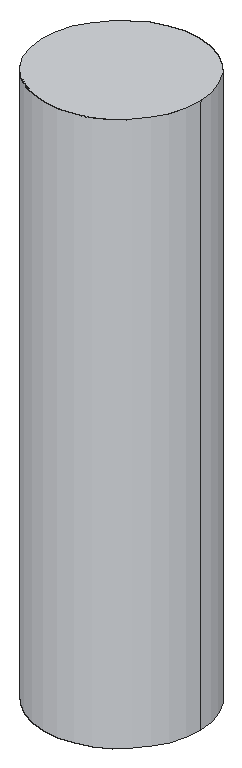
Revit family "PLB_Adoucisseur_Permo-Culligan", category Equipement de génie climatique, Revit 2026
Family settings
  Cote de connecteur circulaire = Utiliser le diamètre
  Type d'élément = Normal
  Basée sur le plan de construction = Non
  Toujours verticalement = Oui
  Couper avec des vides une fois chargée = Non
  Conserver l'orientation des annotations = Non
  Partagée = Non
  Repère de localisation dans la pièce = Non
Parameters (values of type "Alcyo A5X")
  Source = "CCTP lot 12 § 9.2.2"
  Modèle = "Alcyo A5X"
  Fabricant = "Permo / Culligan"
  Elévation par défaut = 0 mm
  Description = "Adoucisseur eau froide"
  Caractéristiques CCTP = "Régénération par saumurage, -50 °TH, compteur DN50"
  A vérifier = "Dimensions approximatives, bac à sel non dessiné"
Reference planes
  plane 1 "Centre (avant/arrière)": y = 0
  plane 2: z = 0
  plane 3 "Centre (gauche/droite)": x = 0
Forms (mm)
  Extrusion 1, solid
    sketch origin (0, 0, 0) x (1, 0, 0) y (0, 1, 0)
      loop
        circle (0, 0) r 225
    from 0 to 1600
  Extrusion 2, solid
    sketch origin (0, 0, 1600) x (1, 0, 0) y (0, 1, 0)
      loop
        circle (-100, 0) r 25
    from 0 to 60
  Extrusion 3, solid
    sketch origin (0, 0, 1600) x (1, 0, 0) y (0, 1, 0)
      loop
        circle (100, 0) r 25
    from 0 to 60
Dimensions and locks
  aligned and locked: level to plane 2
Connectors
  piping at (-100, 0, 1660), diameter 50
    settings: on Extrusion 2, index 1, connector inside diameter 609.6 mm, connector length 0 mm, flow factor 0, pipe flow 0.0 L/s, pressure drop 0.0 Pa, fitting loss kfactor 0, connector angle 0.00°, fixture units 0, engagement length 0 mm, angle of deflection 0.00°, flow configuration 0, flow direction 0, fitting loss method 0, system type 20, joint type 0, gender type 0, connector reference index -1, connector utility 0, adjustable connector no, is connector primary yes, connector description "Entree EF"
  piping at (100, 0, 1660), diameter 50
    settings: on Extrusion 3, index 2, connector inside diameter 609.6 mm, connector length 0 mm, flow factor 0, pipe flow 0.0 L/s, pressure drop 0.0 Pa, fitting loss kfactor 0, connector angle 0.00°, fixture units 0, engagement length 0 mm, angle of deflection 0.00°, flow configuration 0, flow direction 0, fitting loss method 0, system type 20, joint type 0, gender type 0, connector reference index -1, connector utility 0, adjustable connector no, is connector primary no, connector description "Sortie EF adoucie"
